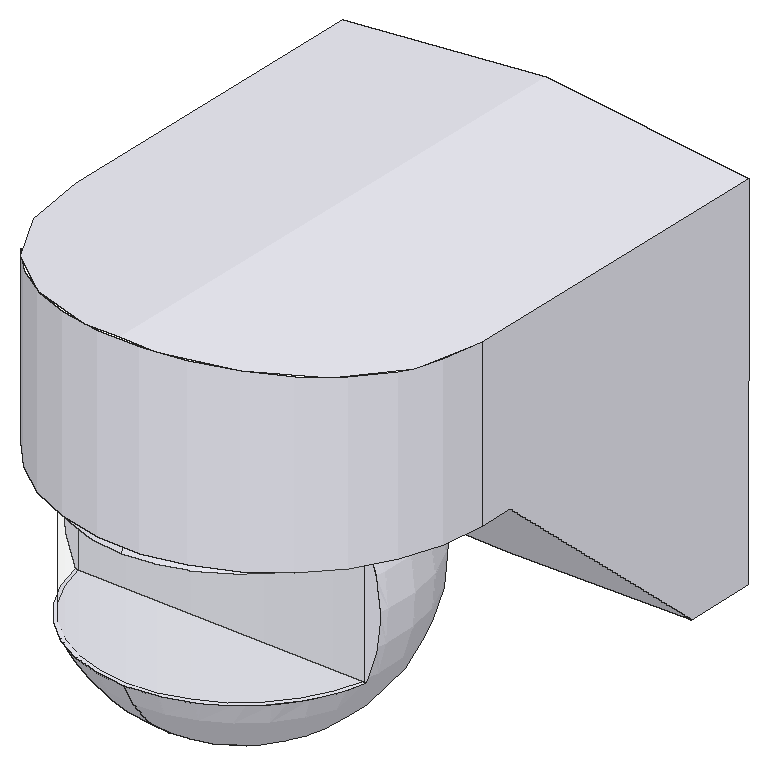
Revit family "LC 140 types Sans hôte", category Dispositifs d'éclairage, Revit 2019
Family settings
  Conserver l'orientation des annotations = Non
  Cote de connecteur circulaire = Utiliser le diamètre
  Type d'élément = Normal
  Basée sur le plan de construction = Non
  Toujours verticalement = Oui
  Couper avec des vides une fois chargée = Non
  Partagée = Non
  Point de calcul de pièce = Non
Parameters (values of type "01- LC 140 Générique")
  Zone de détection [instance] = no
  URL = "http://www.luxomat.com"
  Type de Sortie = ""
  Température ambiante = "-25°C à + 50°C"
  Référence = ""
  Relais = ""
  Position en hauteur = Elévation par défaut  # 250 cm
  Portée frontale [instance] = 400 cm  # constant formula
  Portée de biais [instance] = 1200 cm  # constant formula
  Modèle = "LC 140"
  Mode de pose = "Mural"
  Marque = "LUXOMAT"
  Image du type = MURAL.JPG
  IP = "54"
  Hauteur de montage max préconisée [instance] = Hauteur de montage max  # 400 cm
  Hauteur de montage max = 400 cm
  Fabricant = "B.E.G."
  Etiquette [instance] = yes
  Elévation par défaut = 250 cm
  Consommation = ""
  Commentaires du type = "DET.MOUV.140°/12M MURAL"
  Code d'assemblage = "D5010200"
  Classe = "II"
  Charge LED = ""
  Charge Cos ɸ =1 = ""
  Charge Cos ɸ =0.5 = ""
  Alimentation = "110-240 V AC"
Types (3, lengths in cm): name | Type de Sortie | Référence | Relais | Modèle | IP | Consommation | Commentaires du type | Charge LED | Charge Cos ɸ =1 | Charge Cos ɸ =0.5
  01- LC 140 Générique | "" | "" | "" | "LC 140" | "54" | "" | "DET.MOUV.140°/12M MURAL" | "" | "" | ""
  02- LC N 140 réf 91001 | "TOR" | "91001" | "4.3 A" | "LC N 140" | "54" | "0.4 W" | "DET.MOUV.1 CONTACT.140°/12M MURAL" | "200 W" | "1000 W" | "500 VA"
  03- LC 140 réf 91101 | "TOR" | "91101" | "4.3 A" | "LC 140" | "44" | "0.4 W" | "DET.MOUV.1 CONTACT.140°/12M MURAL SANS DETECTION VERTICALE" | "0" | "1000 W" | "500 VA"
Reference planes (cm)
  plane 1 "Centre (avant/arrière)": y = 0
  plane 2: z = 0
  plane 3 "Centre (gauche/droite)": x = 0
Dimensions and locks (cm)
  aligned and locked: level to plane 2
  aligned and locked: plane 3 "Centre (gauche/droite)" to nested 3
  aligned and locked: plane 1 "Centre (avant/arrière)" to nested 3
  aligned and locked: nested 1 to plane 3 "Centre (gauche/droite)"
  aligned and locked: nested 4 to plane 3 "Centre (gauche/droite)"
  aligned and locked: nested 4 to plane 1 "Centre (avant/arrière)"
Nested families (cm)
  nested 1: "Symbole Mural 2D" at (0, 0, 0) x (-1, 0, 0) z (0, 0, 1), type "Symbole Mural 2D"
  nested 2: "Famille1" at (0, 1.2478, 0), modele <- "Modèle", référence <- "Référence", visible <- "Etiquette", type "Famille1"
    with référence "", modele "LC 140"
  nested 3: "M LC Click" at (0, 0, 0), type "M LC Click"
  nested 4: "zone B" at (0, 0, 0), visible <- "Zone de détection", type "zone B"
    with frontale 400 cm, biais 1200 cm
Connectors (cm)
  electrical at (0, 0, 0)
    settings: index 1, voltage 230 V, apparent load 0 VA, apparent load phase1 0 VA, apparent load phase2 0 VA, apparent load phase3 0 VA, power factor 1, load classification "Eclairage", number of poles 1, system type 31, power factor state 1, is connector primary yes, connector utility no, sub classification motor no, connector description ""
Definition of nested family "M LC Click"
  Reference planes (cm)
    plane 1 "Centre (avant/arrière)": y = 0
    plane 2: z = 0
    plane 3 "Centre (gauche/droite)": x = 0
  Forms (cm)
    Extrusion 1, solid
      sketch origin (0, 0, 0) x (1, 0, 0) y (0, 0, 1)
        loop
          line (-3.9, 3.5) -> (-3.9, -3.5)
          arc (-3.9, -3.5) -> (0, -3.9001) -> (3.9, -3.5) r 19.21
          line (3.9, -3.5) -> (3.9, 3.5)
          arc (3.9, 3.5) -> (0, 3.9001) -> (-3.9, 3.5) r 19.21
      from 0 to 11.4406
    Extrusion 2, void
      sketch origin (0, 0, 0) x (0, 1, 0) y (0, 0, 1)
        loop
          line (0, -3.9001) -> (-0.91, -3.9001) -> (-5.73, 0.3299) -> (-11.4406, 0.3299) -> (-11.4406, -5.1701) -> (0, -5.1701) -> (0, -3.9001)
      from -3.9 to 3.9
    Extrusion 3, void
      sketch origin (0, 0, 0) x (1, 0, 0) y (0, 1, 0)
        loop
          line (-3.9, -6.4) -> (-4.4, -6.4) -> (-4.4, -12.9) -> (4.4, -12.9) -> (4.4, -6.4) -> (3.9, -6.4)
          arc (3.9, -6.4) -> (0, -10.3) -> (-3.9, -6.4) r 3.9
      from 0 to 5.9091
    Revolve 4, solid
      sketch origin (0, 0, 0) x (0, 1, 0) y (0, 0, 1)
        loop
          line (-7.3, 0.3999) -> (-7.3, -3.4501) -> (-5.56, -3.4501)
          arc (-5.56, -3.4501) -> (-4.302, -1.725) -> (-4.51, 0.3999) r 3
          line (-4.51, 0.3999) -> (-7.3, 0.3999)
        axis (-7.3, 0.3999) -> (-7.3, -3.4501)
      angle from 0 to 360
    Revolve 5, solid
      sketch origin (0, 0, 0) x (0, 1, 0) y (0, 0, 1)
        loop
          line (-7.3, -3.4501) -> (-8.95, -3.4501)
          arc (-8.95, -3.4501) -> (-8.1867, -3.9316) -> (-7.3, -4.1001) r 2.42
          line (-7.3, -4.1001) -> (-7.3, -3.4501)
        axis (-7.3, -3.4501) -> (-7.3, -4.1001)
      angle from 90 to -90
    Revolve 6, solid
      sketch origin (0, -14.6, 0) x (0, -1, 0) y (0, 0, 1)
        loop
          line (-7.3, -3.4501) -> (-8.95, -3.4501)
          arc (-8.95, -3.4501) -> (-8.1867, -3.9316) -> (-7.3, -4.1001) r 2.42
          line (-7.3, -4.1001) -> (-7.3, -3.4501)
        axis (-7.3, -3.4501) -> (-7.3, -4.1001)
      angle from 90 to -90
    Extrusion 7, void
      sketch origin (0, 0, 0) x (0, 1, 0) y (0, 0, 1)
        loop
          line (-10.5676, 0.1499) -> (-10.5676, -2.1501) -> (-7.8, -2.1501) -> (-7.8, 0.1499) -> (-10.5676, 0.1499)
      from -4.4 to 3.9
    Extrusion 8, solid
      sketch origin (0, 0, 0) x (1, 0, 0) y (0, 1, 0)
        loop
          line (0, -7.8) -> (-2.75, -7.8)
          arc (-2.75, -7.8) -> (0, -10.0732) -> (2.75, -7.8) r 2.8
          line (2.75, -7.8) -> (0, -7.8)
      from -2.1501 to 0.1499
  Cuts and joins
    Extrusion 2, Extrusion 3, Extrusion 7 cuts Extrusion 1
    Extrusion 7 cuts Revolve 4
    joined: Extrusion 1, Revolve 4
  Dimensions and locks (cm)
    aligned and locked: level to plane 2
Definition of nested family "Symbole Mural 2D"
  Reference planes (cm)
    plane 1: y = 0
    plane 2: x = 0
  Lines and regions (cm)
    Filled region 1, type "rouge"
      outline origin (0, 0, 0) x (1, 0, 0) y (0, 1, 0)
        loop
          circle (0, 0) r 0.0294
    detail lines
      curve 1: arc (-0.0294, 0, 0) -> (0, -0.0294, 0) -> (0.0294, 0, 0) r 0.0294
      curve 2: arc (0.0294, 0, 0) -> (0, 0.0294, 0) -> (-0.0294, 0, 0) r 0.0294
      curve 3: arc (0.102, 0.1767, 0) -> (0, 0.204, 0) -> (-0.102, 0.1767, 0) r 0.204
      curve 4: arc (0.081, 0.1403, 0) -> (0, 0.162, 0) -> (-0.081, 0.1403, 0) r 0.162
      curve 5: arc (0.06, 0.1039, 0) -> (0, 0.12, 0) -> (-0.06, 0.1039, 0) r 0.12
Definition of nested family "Famille1"
  Parameters (values of type "Famille1")
    référence [instance] = ""
    modele [instance] = ""
  Reference planes (cm)
    plane 1: y = 0
    plane 2: x = 0
  Text (cm)
    label "référence\nmodele" at (0.0074, -0.6424, 0), shows "référence", "modele"
Definition of nested family "zone B"
  Parameters (values of type "zone B")
    frontale [instance] = 600 cm
    biais [instance] = 1000 cm
  Reference planes (cm)
    plane 1 "Centre (avant/arrière)": y = 0
    plane 2: z = 0
    plane 3 "Centre (gauche/droite)": x = 0
    plane 4: y = 400
    plane 5: y = 200
    plane 6: y = 1200
    plane 7: x = -500
    plane 8: x = 500
    plane 9: through (0, 0, 400) normal (-0.342, -0.9397, 0)
    plane 10: through (0, 0, 400) normal (-0.342, 0.9397, 0)
  Lines and regions (cm)
    detail lines, in view "Niveau de réf."
      curve 1: arc (375.877, 136.8081, 0) -> (0, 400, 0) -> (-375.877, 136.8081, 0) r 400
      curve 2: spline (-500, 181.9851, 0) -> (-482.9629, 445.4668, 0) -> (-433.0127, 690.9926, 0) -> (-353.5534, 901.8303, 0) -> (-250, 1063.6119, 0) -> (-129.4095, 1165.312, 0) -> (0, 1200, 0) -> (129.4095, 1165.312, 0) -> (250, 1063.6119, 0) -> (353.5534, 901.8303, 0) -> (433.0127, 690.9926, 0) -> (482.9629, 445.4668, 0) -> (500, 181.9851, 0)
      curve 3: line (0, 0, 0) -> (-500, 181.9851, 0)
      curve 4: line (0, 0, 0) -> (500, 181.9851, 0)
      curve 5: line (-317.0326, 544.8861, 0) -> (-234.0876, 544.8861, 0)
      curve 6: line (-234.0876, 544.8861, 0) -> (-262.456, 567.0499, 0)
      curve 7: line (-234.0876, 544.8861, 0) -> (-262.456, 522.7223, 0)
      curve 11: line (0, 326.875, 0) -> (0, 243.93, 0)
      curve 12: line (0, 243.93, 0) -> (22.1638, 272.2984, 0)
      curve 13: line (0, 243.93, 0) -> (-22.1638, 272.2984, 0)
    detail lines, in view "Niveau de réf.", not visible
      curve 8: line (627.3725, -64.2741, 0) -> (628.0656, 18.6681, 0)
      curve 9: line (628.0656, 18.6681, 0) -> (605.6655, -9.5141, 0)
      curve 10: line (628.0656, 18.6681, 0) -> (649.9916, -9.8845, 0)
      curve 14: line (1028.0656, -276.777, 0) -> (1028.0656, -193.8319, 0)
      curve 15: line (1028.0656, -193.8319, 0) -> (1005.9018, -222.2003, 0)
      curve 16: line (1028.0656, -193.8319, 0) -> (1050.2294, -222.2003, 0)
